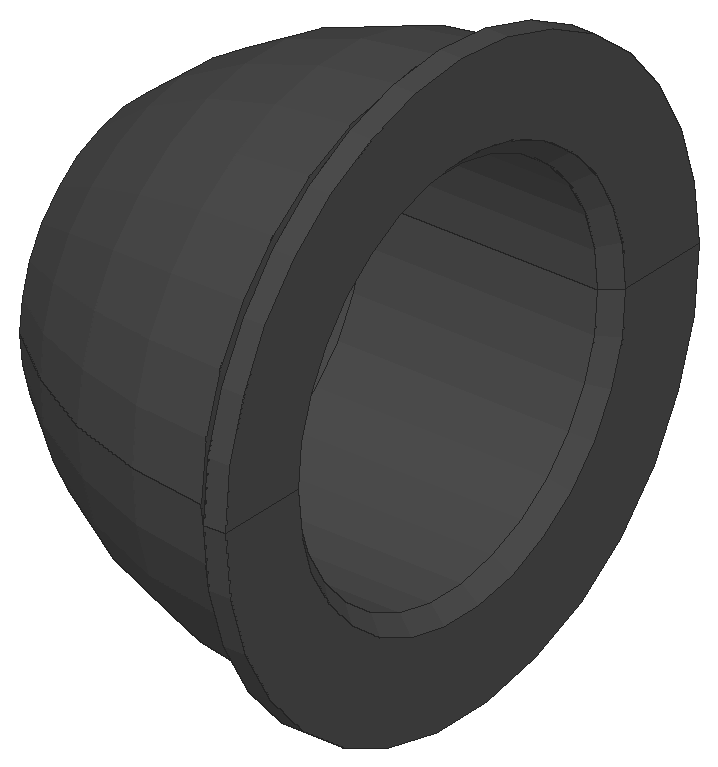
Revit family "FoFo_BB_Cap", category Pipe Fittings, Revit 2025
Family settings
  Round Connector Dimension = Use Radius
  Part Type = Cap
  OmniClass Number = 23.60.30.11.14
  OmniClass Title = Pipework Fittings
  Work Plane-Based = Yes
  Always vertical = No
  Cut with Voids When Loaded = No
  Shared = Yes
Parameters (values of type "CAP_0100")
  Manufacturer = "SGC"
  Loss Method = K Coefficient from Table
  K Coefficient Table = "Tee"
  Description = "Cap"
  Default Elevation = 0.0 mm
  DN = "100"
  Bolsa_RL = 0.5 * Bolsa_DL  # 50.0 mm
  Material_Conexao = FOFO
  Bolsa_DL = 100.0 mm
  Bolsa_Borde3 = Bolsa_Borde1 * 1.1  # 7.7 mm
  Bolsa_Borde1 = 7.0 mm
  Bolsa_RI = 0.5 * Bolsa_DI  # 60.5 mm
  Bolsa_RE = 0.5 * Bolsa_DE  # 59.0 mm
  Bolsa_RB = 0.5 * Bolsa_DB  # 94.5 mm
  Bolsa_Borde2 = Bolsa_Borde1 * 2  # 14.0 mm
  Bolsa_P = 94.0 mm
  Bolsa_E2 = 0.5 * Bolsa_E  # 3.0 mm
  Bolsa_E = 6.0 mm
  Bolsa_DI = 121.0 mm
  Bolsa_DE = 118.0 mm
  Bolsa_DB = 189.0 mm
Reference planes
  plane 1 "EixoP": y = 0
  plane 2: z = 0
  plane 3 "EixoS": x = 2618.25
  plane 4: x = 2712.25
  plane 5: y = 94.5
  plane 6: y = 60.5
  plane 7: y = 59
  plane 8: y = 50
Forms (mm)
  Revolve 1, solid, material "FOFO" <- "Material_Conexao"
    sketch origin (-3000, 0, 0) x (1, 0, 0) y (0, 1, 0)
      loop
        arc (5698.25, 86.8) -> (5649.566, 74.906) -> (5608.25, 46.54) r 139.183
        line (5608.25, 46.54) -> (5608.25, 0) -> (5618.25, 0) -> (5618.25, 45.5) -> (5633.25, 60.5) -> (5707.25, 60.5) -> (5712.25, 65.5) -> (5712.25, 94.5) -> (5705.25, 94.5) -> (5698.25, 86.8)
      axis (5608.25, 0) -> (5712.25, 0)
    angle from 0 to 360
Dimensions and locks
  "Bolsa_Borde1": Revolve 1 sketch curve to Revolve 1 sketch curve
  "Bolsa_Borde2": Revolve 1 sketch curve to Revolve 1 sketch curve
  "Bolsa_Borde3": Revolve 1 sketch curve to Revolve 1 sketch curve
  "Bolsa_P": plane 3 "EixoS" to Revolve 1 sketch curve
  "Bolsa_P": plane 4 to plane 3 "EixoS"
  "Bolsa_RB": plane 5 to plane 1 "EixoP"
  "Bolsa_RI": plane 6 to plane 1 "EixoP"
  "Bolsa_RE": plane 7 to plane 1 "EixoP"
  "Bolsa_RL": plane 8 to plane 1 "EixoP"
  Revolve 1 sketch curve to Revolve 1 sketch curve = 10.0 mm
  aligned and locked: Revolve 1 sketch curve to plane 1 "EixoP"
  aligned and locked: Revolve 1 sketch curve to plane 5
  aligned and locked: plane 6 to Revolve 1 sketch curve
  aligned and locked: Revolve 1 sketch curve to Revolve 1 sketch curve
Automatic sketch dimensions
  Revolve 1 sketch curve to plane 3 "EixoS" = 0.0 mm  (x2)
  plane 3 "EixoS" to Revolve 1 sketch curve = 15.0 mm
  Revolve 1 sketch curve to plane 4 = 5.851 mm
  Revolve 1 sketch curve to plane 4 = 5.0 mm
  plane 1 "EixoP" to Revolve 1 sketch curve = 52.144 mm
  Revolve 1 sketch curve to plane 8 = 4.5 mm
  plane 6 to Revolve 1 sketch curve = 5.0 mm
  plane 4 to Revolve 1 sketch curve = 9.153 mm
Types in the file's own list only (15): name | DN | Bolsa_RL | Bolsa_DL | Bolsa_RI | Bolsa_RE | Bolsa_RB | Bolsa_P | Bolsa_DI | Bolsa_DE | Bolsa_DB
  CAP_0080 | "80" | 40.0 mm | 80.0 mm | 50.5 mm | 49.0 mm | 84.0 mm | 92.0 mm | 101.0 mm | 98.0 mm | 168.0 mm
  CAP_0150 | "150" | 75.0 mm | 150.0 mm | 86.5 mm | 85.0 mm | 121.5 mm | 100.0 mm | 173.0 mm | 170.0 mm | 243.0 mm
  CAP_0200 | "200" | 100.0 mm | 200.0 mm | 112.5 mm | 111.0 mm | 148.0 mm | 106.0 mm | 225.0 mm | 222.0 mm | 296.0 mm
  CAP_0250 | "250" | 125.0 mm | 250.0 mm | 138.5 mm | 137.0 mm | 176.5 mm | 105.0 mm | 277.0 mm | 274.0 mm | 353.0 mm
  CAP_0300 | "300" | 150.0 mm | 300.0 mm | 164.5 mm | 163.0 mm | 205.0 mm | 107.0 mm | 329.0 mm | 326.0 mm | 410.0 mm
  CAP_0350 | "350" | 175.0 mm | 350.0 mm | 190.5 mm | 189.0 mm | 232.5 mm | 110.0 mm | 381.0 mm | 378.0 mm | 465.0 mm
  CAP_0400 | "400" | 200.0 mm | 400.0 mm | 216.0 mm | 214.5 mm | 258.5 mm | 112.0 mm | 432.0 mm | 429.0 mm | 517.0 mm
  CAP_0450 | "450" | 225.0 mm | 450.0 mm | 241.5 mm | 240.0 mm | 287.5 mm | 115.0 mm | 483.0 mm | 480.0 mm | 575.0 mm
  CAP_0500 | "500" | 250.0 mm | 500.0 mm | 267.5 mm | 266.0 mm | 315.0 mm | 117.0 mm | 535.0 mm | 532.0 mm | 630.0 mm
  CAP_0600 | "600" | 300.0 mm | 600.0 mm | 319.0 mm | 317.5 mm | 369.5 mm | 122.0 mm | 638.0 mm | 635.0 mm | 739.0 mm
  CAP_0700 | "700" | 350.0 mm | 700.0 mm | 370.5 mm | 369.0 mm | 431.5 mm | 147.0 mm | 741.0 mm | 738.0 mm | 863.0 mm
  CAP_0800 | "800" | 400.0 mm | 800.0 mm | 422.5 mm | 421.0 mm | 487.0 mm | 147.0 mm | 845.0 mm | 842.0 mm | 974.0 mm
  CAP_0900 | "900" | 450.0 mm | 900.0 mm | 474.0 mm | 472.5 mm | 541.0 mm | 147.0 mm | 948.0 mm | 945.0 mm | 1082.0 mm
  CAP_1000 | "1000" | 500.0 mm | 1000.0 mm | 525.5 mm | 524.0 mm | 595.5 mm | 157.0 mm | 1051.0 mm | 1048.0 mm | 1191.0 mm
  CAP_1200 | "1200" | 600.0 mm | 1200.0 mm | 629.0 mm | 627.5 mm | 706.0 mm | 167.0 mm | 1258.0 mm | 1255.0 mm | 1412.0 mm
